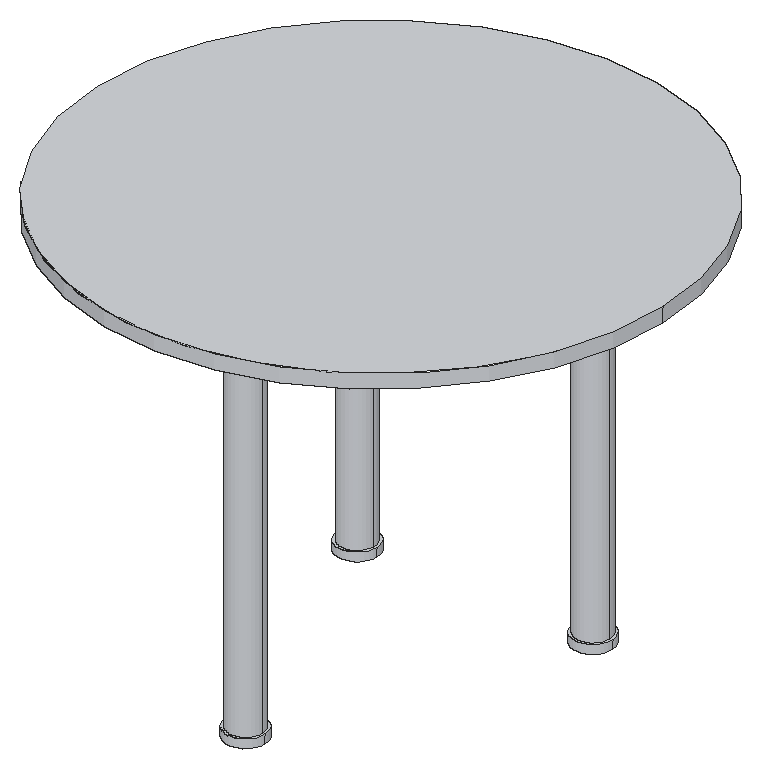
Revit family
Parameters (values of type "1000 x 1000")
  Table Material = none
  Model = "Meeting Table"
  Manufacturer = "Revit"
  Leg Material = none
  Description = "Table"
  Assembly Code = ""
Reference planes
  plane 1: z = 0
  plane 2 "Center (Left/Right)": x = 0
  plane 3: y = -188.822
Forms (mm)
  Extrusion 1, solid, material <- "Table Material"
    sketch origin (0, 0, 0) x (1, 0, 0) y (0, 1, 0)
      loop
        circle (0, -188.822) r 500
    from 700 to 725
Lines and regions (mm)
  symbolic lines
    curve 1: arc (500, -188.822, 0) -> (0, 311.178, 0) -> (-500, -188.822, 0) r 500
    curve 2: arc (-500, -188.822, 0) -> (0, -688.822, 0) -> (500, -188.822, 0) r 500
    curve 3: line (0, -248.822, 0) -> (0, -128.822, 0)
    curve 4: line (60, -188.822, 0) -> (-60, -188.822, 0)
Dimensions and locks
  aligned and locked: Extrusion 1 to nested 1
Nested families
  nested 1: "Leg" at (0, -488.822, 0), type "Height 700mm"
  nested 2: "Leg" at (208.9, 20.079, 0) x (-1, 0, 0) z (0, 0, 1), type "Height 700mm"
  nested 3: "Leg" at (-208.9, 20.079, 0), type "Height 700mm"
Definition of nested family "Leg"
  Parameters (values of type "Height 700mm")
    Model = "Abacus"
    Manufacturer = "LM"
    Leg Material = none
    Description = "Table Leg"
    Assembly Code = "E2020200"
  Reference planes
    plane 1 "Center (Front/Back)": y = 0
    plane 2: z = 0
    plane 3 "Center (Left/Right)": x = 0
  Forms (mm)
    Revolve 1, solid, material <- "Leg Material"
      sketch origin (0, 0, 0) x (1, 0, 0) y (0, 0, 1)
        loop
          line (0, 15) -> (0, 700) -> (-43, 700) -> (-33, 650) -> (-30, 650) -> (-30, 15) -> (0, 15)
        axis (0, 15) -> (0, 700)
      angle from 0 to 360
    Extrusion 2, solid, material <- "Leg Material"
      sketch origin (0, 0, 0) x (1, 0, 0) y (0, 1, 0)
        loop
          circle (0, 0) r 35
      from 0 to 15
  Dimensions and locks
    aligned and locked: plane 3 "Center (Left/Right)" to Revolve 1 sketch curve
    aligned and locked: Revolve 1 to Extrusion 2
